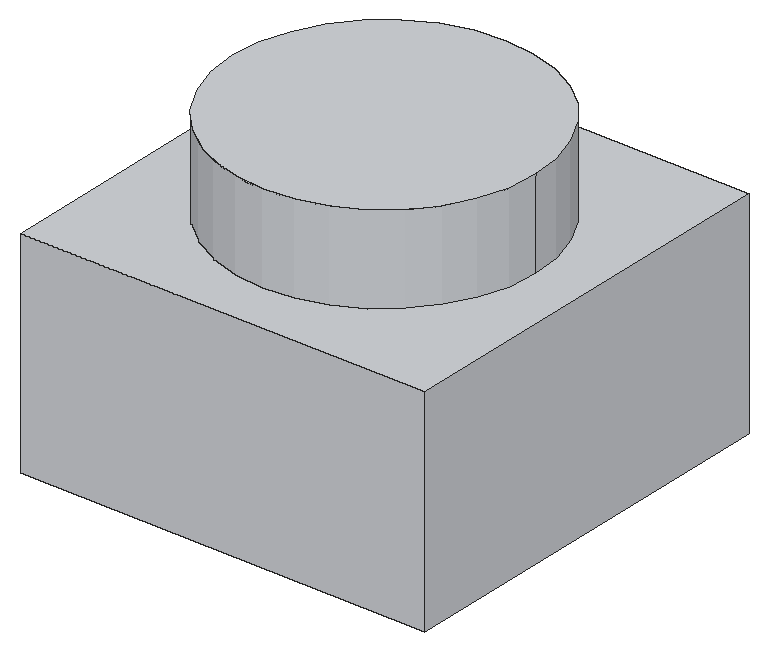
Revit family "202a3f3f9be04657b62597068cf9996c", category Data Devices, host Face, Revit 2021
Family settings
  Host = Face
  Maintain Annotation Orientation = Yes
  Round Connector Dimension = Use Diameter
  Part Type = Normal
  OmniClass Number = 23.85.50.17.11
  OmniClass Title = Computer Network Equipment
  Seek Item ID = Data Outlet - Floor-0000-USA-ENU
  Cut with Voids When Loaded = No
  Shared = No
  Room Calculation Point = No
Parameters (values of type "Standard")
  Width = 0' - 4"
  Radius 1 = 0' - 1 1/2"
  Height = 0' - 3"
  Default Elevation = 4' - 0"
Reference planes (in)
  plane 1 "Center (Front/Back)": y = 0
  plane 2: z = 0
  plane 3 "Center (Left/Right)": x = 0
  plane 4: y = 2
  plane 5: x = 2
  plane 6: x = -2
  plane 7: y = -2
  plane 8: y = -1.5
  plane 9: z = -0.875
  plane 10: z = -3
Forms (in)
  Extrusion 1, solid
    sketch origin (0, 0, 0) x (1, 0, 0) y (0, 1, 0)
      loop
        circle (0, 0) r 1.5
    from 0 to -0.875
  Extrusion 2, solid
    sketch origin (0, 0, 0) x (1, 0, 0) y (0, 1, 0)
      loop
        line (-2, 2) -> (-2, -2) -> (2, -2) -> (2, 2) -> (-2, 2)
    from -0.875 to -3
Lines and regions (in)
  symbolic lines, detail levels fine
    curve 1: line (2, 2, 0) -> (-2, 2, 0)
    curve 2: line (2, -2, 0) -> (2, 2, 0)
    curve 3: line (-2, 2, 0) -> (-2, -2, 0)
    curve 4: line (-2, -2, 0) -> (2, -2, 0)
    curve 5: arc (1.5, 0, 0) -> (0, 1.5, 0) -> (-1.5, 0, 0) r 1.5
    curve 6: arc (-1.5, 0, 0) -> (0, -1.5, 0) -> (1.5, 0, 0) r 1.5
Dimensions and locks (in)
  equal spacing: plane 4, plane 1 "Center (Front/Back)", plane 7
  "Width": plane 4 to plane 7
  equal spacing: plane 6, plane 3 "Center (Left/Right)", plane 5
  "Width": plane 6 to plane 5
  locked: host face to plane 9 at 0.875
  "Height": host face to plane 10
  "Radius 1": radius of Extrusion 1 sketch curve
  aligned and locked: plane 2 to host face
  aligned and locked: level to host face
  aligned and locked: plane 6 to Extrusion 2 sketch curve
  aligned and locked: Extrusion 2 sketch curve to plane 4
  aligned and locked: plane 7 to Extrusion 2 sketch curve
  aligned and locked: Extrusion 2 sketch curve to plane 5
  aligned and locked: Extrusion 2 to plane 10
  aligned and locked: plane 9 to Extrusion 1
  aligned and locked: curve 1 to Extrusion 2
  aligned and locked: curve 2 to Extrusion 2
  aligned and locked: curve 5 to Extrusion 1
  aligned and locked: plane 1 "Center (Front/Back)" to nested 1
  aligned and locked: plane 3 "Center (Left/Right)" to nested 1
Automatic sketch dimensions
  Extrusion 1 sketch curve to plane 1 "Center (Front/Back)" = 0' - 0"
  Extrusion 1 sketch curve to plane 3 "Center (Left/Right)" = 0' - 0"
  curve 1 to plane 6 = 0' - 0"
  curve 4 to plane 7 = 0' - 0"
  curve 2 to plane 4 = 0' - 0"
  host sketch curve to host sketch curve = 8' - 0"  (x2)
Nested families (in)
  nested 1: "Data Outlet - Floor Annotation" at (0, 0, 0), type "Data Outlet - Floor Annotation", detail levels coarse+medium
Connectors (in)
  electrical at (2, 0, -1.9375)
    settings: on Extrusion 2, index 1, voltage 0 V, apparent load 0 VA, apparent load phase1 0 VA, apparent load phase2 0 VA, apparent load phase3 0 VA, power factor 1, load classification "Other", number of poles 1, system type 5, power factor state 1, is connector primary yes, connector utility no, sub classification motor no, connector description ""
Definition of nested family "Data Outlet - Floor Annotation"
  Parameters
    Label Annotation = "C"
  Reference planes (in)
    plane 1: y = 0
    plane 2: x = 0
  Lines and regions (in)
    reference lines
      curve 1: line (-0.2699, 0, 0) -> (0.35142, 0, 0)
      curve 3: line (-0.42244, 0.125, 0) -> (0.21765, 0.125, 0)
      curve 4: line (-0.125, 0.22777, 0) -> (-0.125, -0.38109, 0)
      curve 5: line (0.125, 0.29455, 0) -> (0.125, -0.38109, 0)
      curve 6: line (-0.54441, -0.125, 0) -> (0.42388, -0.125, 0)
    detail lines
      curve 2: circle (0, 0, 0) r 0.0625 normal (0, 0, 1)
      curve 7: line (-0.125, 0.125, 0) -> (0.125, 0.125, 0)
      curve 8: line (-0.125, -0.125, 0) -> (-0.125, 0.125, 0)
      curve 9: line (0.125, -0.125, 0) -> (-0.125, -0.125, 0)
      curve 10: line (0.125, 0.125, 0) -> (0.125, -0.125, 0)
  Text (in)
    label "C" at (-0.04594, -0.00323, 0), shows "Label Annotation"
  Dimensions and locks (in)
    locked: plane 1 to curve 1
    locked: curve 1 to curve 3 at 0.125
    locked: curve 6 to curve 1 at 0.125
    locked: curve 4 to plane 2 at 0.125
    locked: plane 2 to curve 5 at 0.125
    radius of curve 2 = 0' - 0 1/16"
    aligned and locked: plane 2 to curve 2
    aligned and locked: curve 1 to curve 2
    aligned and locked: curve 3 to curve 7
    aligned and locked: curve 8 to curve 4
    aligned and locked: curve 9 to curve 6
    aligned and locked: curve 5 to curve 10
